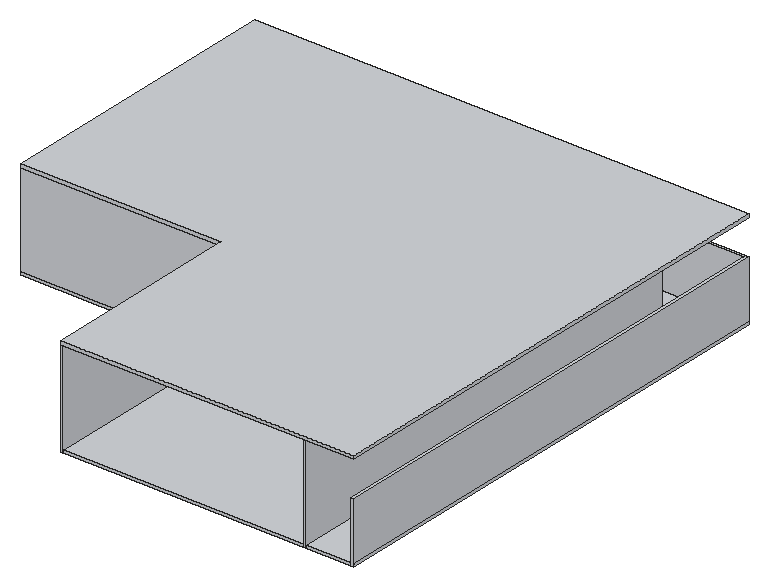
Revit family "Bürstenleisten-Kanalsystem OKB_Inneneck_ohne_Nivelliereinheiten", category Generic Models, Revit 2015
Parameters (values of type "OKB IE 25085 ON")
  URL = "http://www.obo-bettermann.com"
  Material = Steel, Galvanized
  Manufacturer Art. No. = "7403826"
  Manufacturer = "OBO Bettermann"
  GTIN = "4012195845973\r\n4012195845973"
  Article Type = "OKB IE 25085 ON"
Reference planes
  plane 1 "Center (Front/Back)": y = 0
  plane 2: z = 0
  plane 3 "Center (Left/Right)": x = 0
  plane 4: x = -421
  plane 5: y = -250
  plane 6: x = -250
  plane 7: y = -421
  plane 8: z = 2
  plane 9: y = -2
  plane 10: y = -248
  plane 11: x = -248
  plane 12: x = -2
  plane 13: y = -42
  plane 14: y = -41
  plane 15: x = -41
  plane 16: x = -42
  plane 17: z = 52
  plane 18: z = 85
  plane 19: z = 82
Forms (mm)
  Extrusion 1, solid
    sketch origin (0, 0, 0) x (1, 0, 0) y (0, 1, 0)
      loop
        line (-421, 0) -> (-421, -250) -> (-250, -250) -> (-250, -421) -> (0, -421) -> (0, 0) -> (-421, 0)
    from 0 to 2
  Extrusion 2, solid
    sketch origin (0, 0, 0) x (1, 0, 0) y (0, 1, 0)
      loop
        line (-2, -2) -> (-2, -421) -> (0, -421) -> (0, 0) -> (-421, 0) -> (-421, -2) -> (-2, -2)
    from 0 to 52
  Extrusion 3, solid
    sketch origin (0, 0, 0) x (1, 0, 0) y (0, 1, 0)
      loop
        line (-421, -41) -> (-421, -42) -> (-42, -42) -> (-42, -421) -> (-41, -421) -> (-41, -41) -> (-421, -41)
      loop
        line (-248, -421) -> (-248, -248) -> (-421, -248) -> (-421, -250) -> (-250, -250) -> (-250, -421) -> (-248, -421)
    from 0 to 82
  Extrusion 4, solid
    sketch origin (0, 0, 0) x (1, 0, 0) y (0, 1, 0)
      loop
        line (0, 0) -> (-421, 0) -> (-421, -250) -> (-250, -250) -> (-250, -421) -> (0, -421) -> (0, 0)
    from 82 to 85
Lines and regions (mm)
  model lines
    curve 1: line (0, -421, 0) -> (-250, -421, 0)
    curve 2: line (-250, -421, 0) -> (-250, -250, 0)
    curve 3: line (-250, -250, 0) -> (-421, -250, 0)
    curve 4: line (-421, -250, 0) -> (-421, 0, 0)
    curve 5: line (-421, 0, 0) -> (0, 0, 0)
    curve 6: line (0, 0, 0) -> (0, -421, 0)
    curve 7: line (-250, -421, 0) -> (-248, -421, 0)
    curve 8: line (-248, -421, 0) -> (-248, -248, 0)
    curve 9: line (-248, -248, 0) -> (-421, -248, 0)
    curve 10: line (-421, -41, 0) -> (-421, -161, 0)
    curve 11: line (-421, -41, 0) -> (-41, -41, 0)
    curve 12: line (-421, -42, 0) -> (-42, -42, 0)
    curve 13: line (-42, -421, 0) -> (-42, -42, 0)
    curve 14: line (-41, -41, 0) -> (-41, -421, 0)
    curve 15: line (-2, -421, 0) -> (-2, -2, 0)
    curve 16: line (-2, -2, 0) -> (-421, -2, 0)
Dimensions and locks
  locked: plane 4 to plane 3 "Center (Left/Right)" at 421
  locked: plane 7 to plane 1 "Center (Front/Back)" at 421
  locked: plane 6 to plane 3 "Center (Left/Right)" at 250
  locked: plane 1 "Center (Front/Back)" to plane 5 at 250
  locked: level to plane 8 at 2
  locked: plane 14 to plane 13 at 1
  locked: Extrusion 1 to plane 9 at 2
  locked: plane 12 to Extrusion 1 at 2
  locked: plane 10 to Extrusion 1 at 2
  locked: Extrusion 1 to plane 11 at 2
  locked: plane 16 to plane 15 at 1
  locked: plane 15 to Extrusion 1 at 41
  locked: plane 1 "Center (Front/Back)" to plane 14 at 41
  locked: plane 17 to level at 52
  locked: plane 18 to level at 85
  plane 3 "Center (Left/Right)" to Extrusion 4 = 421 mm
  locked: plane 19 to plane 18 at 3
  aligned and locked: level to plane 2
  aligned and locked: plane 7 to curve 1
  aligned and locked: plane 6 to curve 2
  aligned and locked: plane 5 to curve 3
  aligned and locked: plane 4 to curve 4
  aligned and locked: plane 1 "Center (Front/Back)" to curve 5
  aligned and locked: curve 6 to plane 3 "Center (Left/Right)"
  aligned and locked: Extrusion 1 sketch curve to curve 5
  aligned and locked: Extrusion 1 sketch curve to curve 6
  aligned and locked: Extrusion 1 sketch curve to curve 1
  aligned and locked: Extrusion 1 sketch curve to curve 2
  aligned and locked: Extrusion 1 sketch curve to curve 3
  aligned and locked: Extrusion 1 sketch curve to curve 4
  aligned and locked: plane 8 to Extrusion 1
  aligned and locked: curve 7 to plane 7
  aligned and locked: plane 11 to curve 8
  aligned and locked: plane 10 to curve 9
  aligned and locked: curve 11 to plane 14
  aligned and locked: curve 12 to plane 13
  aligned and locked: plane 16 to curve 13
  aligned and locked: curve 14 to plane 15
  aligned and locked: plane 12 to curve 15
  aligned and locked: plane 9 to curve 16
  aligned and locked: Extrusion 2 sketch curve to curve 16
  aligned and locked: Extrusion 2 sketch curve to curve 15
  aligned and locked: Extrusion 2 sketch curve to Extrusion 1  (x2)
  aligned and locked: Extrusion 2 sketch curve to curve 4
  aligned and locked: Extrusion 2 sketch curve to plane 7
  aligned and locked: plane 17 to Extrusion 2
  aligned and locked: Extrusion 3 sketch curve to curve 11
  aligned and locked: Extrusion 3 sketch curve to curve 12
  aligned and locked: Extrusion 3 sketch curve to curve 13
  aligned and locked: curve 14 to Extrusion 3 sketch curve
  aligned and locked: Extrusion 3 sketch curve to curve 8
  aligned and locked: Extrusion 3 sketch curve to Extrusion 1  (x2)
  aligned and locked: Extrusion 3 sketch curve to curve 9
  aligned and locked: Extrusion 3 sketch curve to curve 4
  aligned and locked: plane 4 to Extrusion 3 sketch curve
  aligned and locked: plane 7 to Extrusion 3 sketch curve
  aligned and locked: Extrusion 3 sketch curve to curve 7
  aligned and locked: Extrusion 4 sketch curve to Extrusion 2  (x2)
  aligned and locked: Extrusion 4 sketch curve to Extrusion 1  (x2)
  aligned and locked: Extrusion 4 sketch curve to Extrusion 3  (x2)
  aligned and locked: Extrusion 4 to plane 19
  aligned and locked: Extrusion 3 to Extrusion 4
